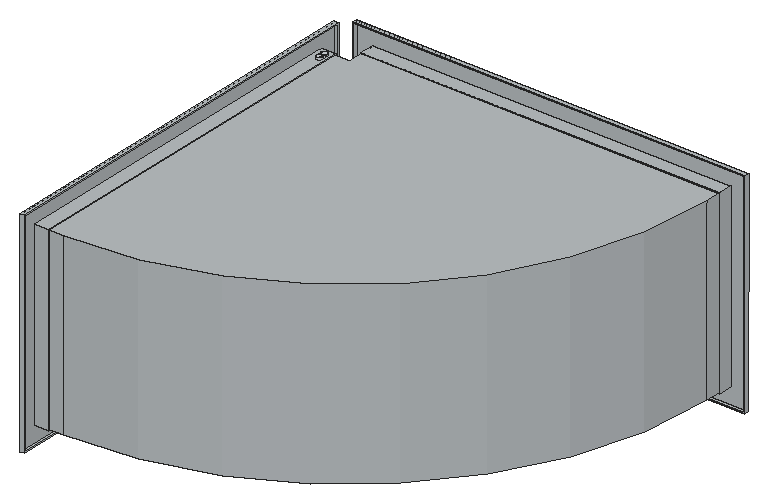
Revit family "NLRS_57_DUF_UN_verlopende-bocht-r=0_nijburg", category Duct Fittings, Revit 2020
Family settings
  Round Connector Dimension = Use Diameter
  Part Type = Elbow
  Work Plane-Based = No
  Always vertical = Yes
  Cut with Voids When Loaded = No
  Shared = No
Parameters (values of type "R=0")
  URL = "https://nijburg-klimaattechniek.nl/oplossingen/rechthoekige-kanalen/"
  Type Comments = "Height in = Height out"  # constant formula
  NPR_c02_recht [instance] = 50 mm
  NPR_c01_recht [instance] = 50 mm
  NPR_Waarschuwing [instance] = if(NPR_Toegepaste_hoek = NLRS_C_hoek, " ", "Ongeldige hoek!")  # " "
  NPR_Toegepaste_hoek [instance] = if(NLRS_C_hoek < NPR_Minimale_hoek, NPR_Minimale_hoek, if(NLRS_C_hoek > 90.00°, 90.00°, NLRS_C_hoek))  # 90.00°
  NPR_S2_Buiten_ver [instance] = NLRS_M_c02_breedte * cos(NPR_Toegepaste_hoek)  # 0 mm
  NPR_S2_Buiten_hor [instance] = NLRS_M_c02_breedte * sin(NPR_Toegepaste_hoek)  # 600 mm
  NPR_S2_Binnen_ver [instance] = NPR_S2 * sin(NPR_Toegepaste_hoek)  # 50 mm
  NPR_S2_Binnen_hor [instance] = NPR_S2 * cos(NPR_Toegepaste_hoek)  # 0 mm
  NPR_S2 [instance] = if(NPR_c02_recht < 30 mm, 30 mm, NPR_c02_recht)  # 50 mm
  NPR_S1 [instance] = if(NPR_c01_recht < 30 mm, 30 mm, NPR_c01_recht)  # 50 mm
  NPR_Radius = 0 mm
  NPR_Offset5 [instance] = (NPR_Buitenradius * cos(NPR_Toegepaste_hoek))  # 0 mm
  NPR_Offset4 [instance] = NPR_Radius - (NPR_Radius * cos(NPR_Toegepaste_hoek))  # 0 mm
  NPR_Offset3 [instance] = NPR_Radius * sin(NPR_Toegepaste_hoek)  # 0 mm
  NPR_Offset2 [instance] = NPR_Buitenradius * sin(NPR_Toegepaste_hoek)  # 600 mm
  NPR_Offset1 [instance] = if(NLRS_M_c02_breedte > NLRS_M_c01_breedte, (NPR_Grote_breedte - NPR_Buitenradius) * sin(NPR_Toegepaste_hoek), 0 mm)  # 0 mm
  NPR_Minimale_hoek [instance] = if(roundup((90.00° - asin(NPR_Kleine_breedte / NPR_Grote_breedte)) / 1.00°) * 1.00° < 5.00°, 5.00°, roundup((90.00° - asin(NPR_Kleine_breedte / NPR_Grote_breedte)) / 1.00°) * 1.00°)  # 5.00°
  NPR_Luka_m² [instance] = ((if(NLRS_M_c01_breedte > NLRS_M_c02_breedte, NLRS_M_c01_breedte, NLRS_M_c02_breedte) + NLRS_M_c01_hoogte) * 2 * NPR_L1)  # 2.34 m²
  NPR_L1 [instance] = (NPR_Buitenradius * tan(NPR_Toegepaste_hoek / 2)) + if(NLRS_M_c01_breedte > NLRS_M_c02_breedte, NPR_S1, NPR_S2) + (NPR_Buitenradius * tan(NPR_Toegepaste_hoek / 2)) + ((NPR_Grote_breedte - NPR_Buitenradius) * cos(90.00° - NPR_Toegepaste_hoek)) + if(NLRS_M_c01_breedte > NLRS_M_c02_breedte, NPR_S2, NPR_S1)  # 1300 mm
  NPR_Kleine_breedte [instance] = if(NLRS_M_c01_breedte > NLRS_M_c02_breedte, NLRS_M_c02_breedte, NLRS_M_c01_breedte) + NPR_Radius  # 600 mm
  NPR_Grote_breedte [instance] = if(NLRS_M_c01_breedte > NLRS_M_c02_breedte, NLRS_M_c01_breedte, NLRS_M_c02_breedte) + NPR_Radius  # 600 mm
  NPR_Forceer_Schoepen [instance] = yes
  NPR_Checked_hoek [instance] = if(NPR_Toegepaste_hoek = 90.00°, 1.00°, NPR_Toegepaste_hoek)  # 1.00°
  NPR_Center_Offset1 [instance] = if(NPR_Toegepaste_hoek = 90.00°, NPR_Radius + (NLRS_M_c02_breedte / 2), if(not(NLRS_M_c01_breedte < NLRS_M_c02_breedte), (NPR_Calc_Radius1 / cos(NPR_Checked_hoek / 2)) * sin(NPR_Checked_hoek / 2), (NPR_Calc_Radius1 * tan(NPR_Checked_hoek / 2 / 2)) + (((NPR_Grote_breedte - NPR_Radius) / 2 + NPR_Radius - NPR_Calc_Radius1) * cos(90.00° - NPR_Checked_hoek / 2))))  # 300 mm
  NPR_Calc_Radius1 [instance] = if(NPR_Toegepaste_hoek = 90.00°, ((((NPR_Kleine_breedte - NPR_Radius) / 2) + NPR_Radius)), (((((NPR_Kleine_breedte - NPR_Radius) / 2) + NPR_Radius)) / cos(NPR_Checked_hoek) - ((((NPR_Grote_breedte - NPR_Radius) / 2) + NPR_Radius))) * tan(90.00° - NPR_Checked_hoek) * tan((180.00° - NPR_Checked_hoek) / 2))  # 300 mm
  NPR_Buitenradius [instance] = if(NPR_Toegepaste_hoek = 90.00°, NPR_Kleine_breedte, (NPR_Kleine_breedte / cos(NPR_Checked_hoek) - NPR_Grote_breedte) * tan(90.00° - NPR_Checked_hoek) * tan((180.00° - NPR_Checked_hoek) / 2))  # 600 mm
  NPR_Artikelcode = "RHKV"  # constant formula
  NLRS_M_c02_hoogte [instance] = NLRS_M_c01_hoogte  # 300 mm
  NLRS_M_c02_breedte [instance] = 600 mm
  NLRS_M_c01_hoogte [instance] = 300 mm
  NLRS_M_c01_breedte [instance] = 600 mm
  NLRS_C_model = Model  # "Rechthoekige bocht met radius, verlopend"
  NLRS_C_hoek [instance] = 90.00°
  NLRS_C_description = Description  # "Rechthoekige verlopende bocht met radius"
  NLRS_C_content_versie = "1.20.02"  # constant formula
  NLRS_C_content_provider = "Nijburg Klimaattechniek"  # constant formula
  NLRS_C_content_datum_gewijzigd = "16-05-2023"  # constant formula
  NLRS_C_content_creator = "J.Feeke"  # constant formula
  Model = "Rechthoekige bocht met radius, verlopend"  # constant formula
  Manufacturer = "Nijburg Products"  # constant formula
  Description = "Rechthoekige verlopende bocht met radius"  # constant formula
  Default Elevation = 0 mm
  Assembly Code = "57.70"
Reference planes
  plane 1 "Center Rhor": y = 0
  plane 2: z = 0
  plane 3 "Center Rvert": x = 0
  plane 4 "c1": x = -50
  plane 5 "C1_Inner": y = 0
  plane 6 "Inner_Hor": x = 0
  plane 7 "W1": y = -600
  plane 8 "Inner_ver": y = 0
  plane 9: x = 600
  plane 10: y = -300
  plane 11 "Offset_Hor": x = 0
  plane 12: y = 0
  plane 13: y = 0
  plane 14: y = 50
  plane 15: x = 600
  plane 16 "W2": y = 50
  plane 17 "W3": x = 0
  plane 18 "Top": z = 150
  plane 19 "Bottom": z = -150
  plane 20: x = 300
Forms (mm)
  Extrusion 1, solid, material "NLRS_57_sendzimir verzinkt_gen_sacs"
    sketch origin (0, 0, 0) x (1, 0, 0) y (0, 1, 0)
      loop
        arc (0, -600) -> (424.264, -424.264) -> (600, 0) r 600
        line (600, 0) -> (600, 50) -> (0, 50) -> (0, 0) -> (-50, 0) -> (-50, -600) -> (0, -600)
    from -150 to 150
  Sweep 2, solid, material "NLRS_57_sendzimir verzinkt_gen_sacs"
    path in 3D
      loop
        line (-50, -600, 150) -> (-50, -600, -150) -> (-50, 0, -150) -> (-50, 0, 150) -> (-50, -600, 150)
    profile "DW_Profile : Kanaal" origin (-50, -300, 150) x (1, 0, 0) y (0, 0, 1)
      loop
        line (25, 0) -> (25, 1) -> (1, 1) -> (1, 28) -> (7.5, 28) -> (7.5, 29) -> (0, 29) -> (0, 0) -> (25, 0)
  Sweep 3, solid, material "NLRS_57_sendzimir verzinkt_gen_sacs"
    path in 3D
      loop
        line (0, 50, 150) -> (0, 50, -150) -> (600, 50, -150) -> (600, 50, 150) -> (0, 50, 150)
    profile "DW_Profile : Kanaal" origin (300, 50, 150) x (0, -1, 0) y (0, 0, 1)
      loop
        line (25, 0) -> (25, 1) -> (1, 1) -> (1, 28) -> (7.5, 28) -> (7.5, 29) -> (0, 29) -> (0, 0) -> (25, 0)
  Extrusion 4, solid, material "NPR_Label", not visible
    sketch origin (-476.854, -1365.937, 0) x (1, 0, 0) y (0, 1, 0)
      loop
        arc (545.644, 1069.937) -> (543.644, 1067.937) -> (545.644, 1065.937) r 2
        line (545.644, 1065.937) -> (545.644, 1067.937) -> (547.644, 1065.937) -> (547.644, 1067.937) -> (545.644, 1069.937)
    from 0 to 2
  Extrusion 5, solid, material "NPR_Label", not visible
    sketch origin (70.79, -1068, 0) x (1, 0, 0) y (0, 1, 0)
      loop
        arc (2, 768) -> (4, 770) -> (2, 772) r 2
        line (2, 772) -> (2, 770) -> (0, 772) -> (0, 770) -> (2, 768)
    from 0 to 2
Lines and regions (mm)
  sketch lines
    curve 1: line (-50, 0, 150) -> (-50, -600, 150)
    curve 2: line (-50, -600, 150) -> (-50, -600, -150)
    curve 3: line (-50, -600, -150) -> (-50, 0, -150)
    curve 4: line (-50, 0, 150) -> (-50, 0, -150)
    curve 5: line (600, 50, 150) -> (0, 50, 150)
    curve 6: line (600, 50, 150) -> (600, 50, -150)
    curve 7: line (0, 50, -150) -> (600, 50, -150)
    curve 8: line (0, 50, 150) -> (0, 50, -150)
Dimensions and locks
  "NPR_S1": plane 4 "c1" to plane 3 "Center Rvert"
  "NPR_Offset3": plane 6 "Inner_Hor" to plane 3 "Center Rvert"
  "NPR_Radius": plane 5 "C1_Inner" to plane 1 "Center Rhor"
  "NLRS_M_c01_breedte": plane 7 "W1" to plane 5 "C1_Inner"
  "NPR_Offset4": plane 8 "Inner_ver" to plane 5 "C1_Inner"
  "NPR_Offset1": plane 3 "Center Rvert" to plane 11 "Offset_Hor"
  "NPR_Buitenradius": plane 7 "W1" to plane 13
  "NPR_Offset5": plane 12 to plane 13
  "NPR_Offset2": plane 11 "Offset_Hor" to plane 9
  "NPR_S2_Binnen_hor": plane 6 "Inner_Hor" to plane 17 "W3"
  "NPR_S2_Binnen_ver": plane 16 "W2" to plane 8 "Inner_ver"
  locked: plane 15 to Extrusion 1 sketch curve
  locked: Extrusion 1 sketch curve to plane 14
  locked: plane 16 "W2" to Extrusion 1 sketch curve  (x2)
  locked: plane 17 "W3" to Extrusion 1 sketch curve
  plane 16 "W2" to Extrusion 1 sketch curve = 0 mm
  "NPR_S2_Buiten_hor": plane 17 "W3" to plane 15
  "NPR_S2_Buiten_ver": plane 16 "W2" to plane 14
  equal spacing: plane 5 "C1_Inner", plane 10, plane 7 "W1"
  equal spacing: plane 18 "Top", level, plane 19 "Bottom"
  "NLRS_M_c01_hoogte": plane 18 "Top" to plane 19 "Bottom"
  "NPR_Center_Offset1": plane 3 "Center Rvert" to plane 20
  locked: plane 4 "c1" to nested 4 at 15
  locked: plane 5 "C1_Inner" to nested 4 at 15
  locked: plane 4 "c1" to nested 5 at 15
  locked: plane 5 "C1_Inner" to nested 5 at 15
  locked: nested 3 to Extrusion 1 sketch curve
  locked: plane 6 "Inner_Hor" to Extrusion 1 sketch curve
  "NPR_Buitenradius": radius of Extrusion 1 sketch curve
  "NPR_Toegepaste_hoek": angle Extrusion 1 sketch curve to Extrusion 1 sketch curve
  aligned and locked: level to plane 2
  aligned and locked: plane 11 "Offset_Hor" to Extrusion 1 sketch curve
  aligned and locked: plane 7 "W1" to Extrusion 1 sketch curve
  aligned and locked: Extrusion 1 sketch curve to plane 4 "c1"
  aligned and locked: plane 18 "Top" to Extrusion 1
  aligned and locked: Extrusion 1 to plane 19 "Bottom"
  aligned and locked: plane 3 "Center Rvert" to nested 1
  aligned and locked: plane 1 "Center Rhor" to nested 1
  aligned and locked: plane 3 "Center Rvert" to nested 3
  aligned and locked: plane 1 "Center Rhor" to nested 3
  aligned and locked: plane 3 "Center Rvert" to nested 2
  aligned and locked: plane 1 "Center Rhor" to nested 2
  aligned and locked: plane 5 "C1_Inner" to Extrusion 1 sketch curve
Automatic sketch dimensions
  Extrusion 4 sketch curve to plane 10 = 0 mm  (x2)
  plane 10 to Extrusion 4 sketch curve = 2 mm
  plane 3 "Center Rvert" to Extrusion 4 sketch curve = 68.79 mm
  Extrusion 4 sketch curve to Extrusion 4 sketch curve = 2 mm
  Extrusion 4 sketch curve to Extrusion 4 sketch curve = 0 mm  (x2)
  Extrusion 5 sketch curve to plane 10 = 0 mm
  plane 10 to Extrusion 5 sketch curve = 2 mm  (x2)
  plane 3 "Center Rvert" to Extrusion 5 sketch curve = 70.79 mm
  Extrusion 5 sketch curve to Extrusion 5 sketch curve = 2 mm
  Extrusion 5 sketch curve to Extrusion 5 sketch curve = 0 mm  (x2)
  plane 1 "Center Rhor" to Extrusion 1 sketch curve = 0 mm
Nested families
  nested 1: "schoep" at (0, 0, 150), type "schoep1"
  nested 2: "schoep" at (0, 0, 150), type "schoep3"
  nested 3: "schoep" at (0, 0, 150), type "schoep2"
  nested 4: "logo_single" at (-35, -15, 151) x (0, 1, 0) z (0, 0, 1), type "logo_single"
  nested 5: "logo_single" at (-35, -15, -149) x (0, 1, 0) z (0, 0, 1), type "logo_single"
Connectors
  hvac at (-50, -300, 0), driven by "NLRS_M_c01_hoogte", driven by "NLRS_M_c01_breedte"
    settings: on Extrusion 1, index 1, duct flow 0.0 L/s, flow factor 0, pres drop 0.0 Pa, loss coef 0, conn angle 0.00°, conn width 600 mm, conn height 300 mm, conn diameter 609.6 mm, duct sys type 28, conn prof type 1, flow config 0, flow direction 0, loss method 0, conn ref index 2, conn util no, is conn primary yes, conn desc ""
  hvac at (300, 50, 0), driven by "NLRS_M_c02_hoogte", driven by "NLRS_M_c02_breedte", driven by "NPR_Toegepaste_hoek"
    settings: on Extrusion 1, index 2, duct flow 0.0 L/s, flow factor 0, pres drop 0.0 Pa, loss coef 0, conn angle 90.00°, conn width 600 mm, conn height 300 mm, conn diameter 609.6 mm, duct sys type 28, conn prof type 1, flow config 0, flow direction 0, loss method 0, conn ref index 1, conn util no, is conn primary no, conn desc ""
Definition of nested family "logo_single"
  Parameters (values of type "logo_single")
    t = 5 mm
    Model = "LOD 400"
    Description = "Model type"
    Default Elevation = 1219.2 mm
  Reference planes
    plane 1 "Center (Front/Back)": y = 0
    plane 2: z = 0
    plane 3 "Center (Left/Right)": x = 0
    plane 4: z = 2
    plane 5: x = -10
    plane 6: y = -5
    plane 7: y = 5
    plane 8: x = -5
    plane 9: x = 5
    plane 10: x = 10
  Forms (mm)
    Extrusion 1, solid
      sketch origin (-547.644, -297.937, 0) x (1, 0, 0) y (0, 1, 0)
        loop
          arc (542.644, 302.937) -> (537.644, 297.937) -> (542.644, 292.937) r 5
          line (542.644, 292.937) -> (542.644, 297.937) -> (547.644, 292.937) -> (547.644, 297.937) -> (542.644, 302.937)
      from 0 to 2
    Extrusion 2, solid
      sketch origin (0, 0, 0) x (1, 0, 0) y (0, 1, 0)
        loop
          arc (5, -5) -> (10, 0) -> (5, 5) r 5
          line (5, 5) -> (5, 0) -> (0, 5) -> (0, 0) -> (5, -5)
      from 0 to 2
  Dimensions and locks
    "t": plane 7 to plane 1 "Center (Front/Back)"
    "t": plane 6 to plane 1 "Center (Front/Back)"
    "t": plane 5 to plane 8
    "t": plane 8 to plane 3 "Center (Left/Right)"
    "t": plane 3 "Center (Left/Right)" to plane 9
    "t": plane 9 to plane 10
    aligned and locked: level to plane 2
    aligned and locked: plane 4 to Extrusion 1
  Automatic sketch dimensions
    plane 1 "Center (Front/Back)" to Extrusion 1 sketch curve = 0 mm  (x3)
    Extrusion 1 sketch curve to plane 8 = 0 mm
    Extrusion 1 sketch curve to plane 7 = 0 mm
    Extrusion 1 sketch curve to plane 3 "Center (Left/Right)" = 0 mm
    Extrusion 1 sketch curve to plane 6 = 0 mm
    Extrusion 2 sketch curve to plane 3 "Center (Left/Right)" = 0 mm
    plane 1 "Center (Front/Back)" to Extrusion 2 sketch curve = 0 mm  (x3)
    Extrusion 2 sketch curve to plane 6 = 0 mm
    Extrusion 2 sketch curve to plane 9 = 0 mm
    Extrusion 2 sketch curve to plane 7 = 0 mm
Definition of nested family "schoep"
  Parameters (values of type "schoep")
    Show_Schoep = and(not(Aantal_Schoepen < Schoepnr), or(NPR_Toegepaste_hoek > 45.00°, Override_Schoep))  # yes
    Schoepnr = 2
    Override_Schoep = yes
    NPR_Toegepaste_hoek = 50.00°
    NPR_S1 = 2.5 mm  # constant formula
    NPR_Radius = 1200 mm
    NPR_Offset5 = NPR_L1 + (NPR_Radius - (NPR_Radius * cos(NPR_Toegepaste_hoek))) + (NPR_S1 * sin(NPR_Toegepaste_hoek)) - (NPR_L2 * cos(NPR_Toegepaste_hoek))  # 630.619 mm
    NPR_Offset4 = NPR_Buitenradius - (NPR_Buitenradius * cos(NPR_Toegepaste_hoek))  # 628.704 mm
    NPR_Offset3 = NPR_Radius * sin(NPR_Toegepaste_hoek) + NPR_L2 * sin(NPR_Toegepaste_hoek) + NPR_S1 * cos(NPR_Toegepaste_hoek)  # 1457.091 mm
    NPR_Offset2 = NPR_Buitenradius * sin(NPR_Toegepaste_hoek)  # 1348.259 mm
    NPR_Offset1 = if(NPR_L2 > NPR_L1, (NPR_Grote_breedte - NPR_Buitenradius) * sin(NPR_Toegepaste_hoek), 0 mm)  # 107.225 mm
    NPR_L2 = if(Schoepnr = 1, if(Aantal_Schoepen = 3, NLRS_M_c02_breedte / 8, if(Aantal_Schoepen = 2, NLRS_M_c02_breedte / 4, NLRS_M_c02_breedte / 3)), if(Schoepnr = 2, if(Aantal_Schoepen = 3, NLRS_M_c02_breedte / 3, NLRS_M_c02_breedte / 2), NLRS_M_c02_breedte / 2))  # 700 mm
    NPR_L1 = if(Schoepnr = 1, if(Aantal_Schoepen = 3, NLRS_M_c01_breedte / 8, if(Aantal_Schoepen = 2, NLRS_M_c01_breedte / 4, NLRS_M_c01_breedte / 3)), if(Schoepnr = 2, if(Aantal_Schoepen = 3, NLRS_M_c01_breedte / 3, NLRS_M_c01_breedte / 2), NLRS_M_c01_breedte / 2))  # 650 mm
    NPR_Kleine_breedte = if(NPR_L1 > NPR_L2, NPR_L2, NPR_L1) + NPR_Radius  # 1850 mm
    NPR_Grote_breedte = if(NPR_L1 > NPR_L2, NPR_L1, NPR_L2) + NPR_Radius  # 1900 mm
    NPR_Checked_hoek = if(NPR_Toegepaste_hoek = 90.00°, 1.00°, NPR_Toegepaste_hoek)  # 50.00°
    NPR_Buitenradius = if(NPR_Toegepaste_hoek = 90.00°, NPR_Kleine_breedte, (NPR_Kleine_breedte / cos(NPR_Checked_hoek) - NPR_Grote_breedte) * tan(90.00° - NPR_Checked_hoek) * tan((180.00° - NPR_Checked_hoek) / 2))  # 1760.027 mm
    NLRS_M_c02_breedte = 1400 mm
    NLRS_M_c01_breedte = 1300 mm
    Default Elevation = 1219.2 mm
    Aantal_Schoepen = if(and(NLRS_M_c01_breedte > 1600 mm, NLRS_M_c02_breedte > 1600 mm), 3, if(and(NLRS_M_c01_breedte > 800 mm, NLRS_M_c02_breedte > 800 mm), 2, (if(and(NLRS_M_c01_breedte > 400 mm, NLRS_M_c02_breedte > 400 mm), 1, 0))))  # 2
  Reference planes
    plane 1 "Center (Front/Back)": y = 0
    plane 2: z = 0
    plane 3 "Center (Left/Right)": x = 0
    plane 4: y = -1200
    plane 5: y = -1850
    plane 6: x = 107.225
    plane 7: x = 1455.484
    plane 8: x = 1457.091
    plane 9: y = -1221.296
    plane 10: y = -1219.381
    plane 11: x = -2.5
  Lines and regions (mm)
    model lines, visible <- "Show_Schoep"
      curve 1: arc (107.225, -1850, 0) -> (851.045, -1685.099, 0) -> (1455.484, -1221.296, 0) r 1760.027
      curve 2: line (1455.484, -1221.296, 0) -> (1457.091, -1219.381, 0)
      curve 3: line (107.225, -1850, 0) -> (-2.5, -1850, 0)
  Dimensions and locks
    "NPR_Radius": plane 4 to plane 1 "Center (Front/Back)"
    "NPR_L1": plane 5 to plane 4
    "NPR_Offset1": plane 3 "Center (Left/Right)" to plane 6
    "NPR_Offset2": plane 7 to plane 6
    "NPR_Offset3": plane 3 "Center (Left/Right)" to plane 8
    "NPR_Offset4": plane 9 to plane 5
    "NPR_Offset5": plane 10 to plane 5
    locked: plane 8 to curve 2
    "NPR_S1": plane 11 to plane 3 "Center (Left/Right)"
    locked: plane 10 to curve 2
    "NPR_Buitenradius": radius of curve 1
    "NPR_Toegepaste_hoek": angle curve 1 to curve 1
    aligned and locked: level to plane 2
    aligned and locked: plane 5 to curve 1
    aligned and locked: plane 6 to curve 1
    aligned and locked: plane 11 to curve 3
